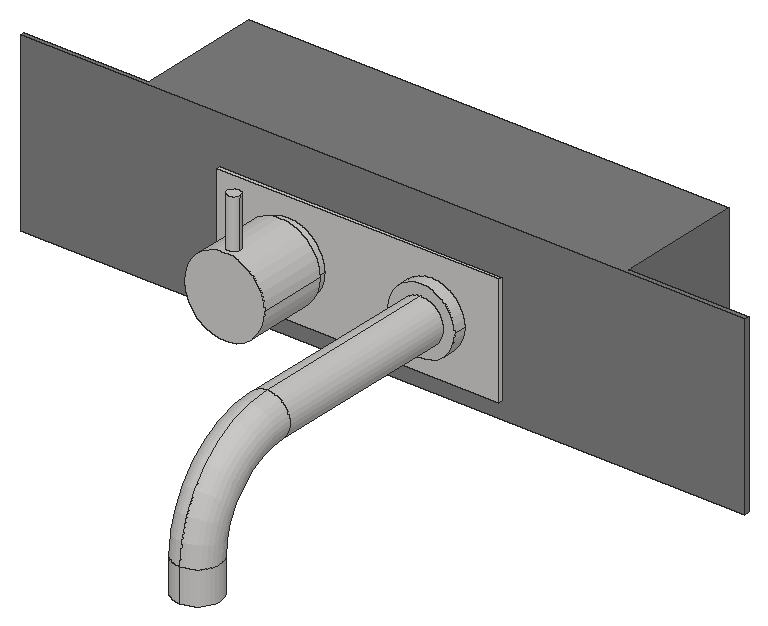
Revit family "2112C", category Plumbing Fixtures, Revit 2021
Family settings
  Round Connector Dimension = Use Diameter
  Part Type = Normal
  Work Plane-Based = No
  Always vertical = Yes
  Cut with Voids When Loaded = No
  Shared = No
  Room Calculation Point = No
Parameters
  e-mail = "info@vola.com"
  URL = "http://vola.com"
  Telephone = "+45 7023 5500"
  Quality management standard = "ISO 9001"
  Organisation no. / DUNS no. = "17531328"
  Occupational health and safety management standard = "ISO 18001"
  Mounting Instructions = "http://vola.com/service/producturl.ashx?name=2112C"
  Model = "2112C"
  Mixer Offset [instance] = 12.00 mm
  Mixer = yes
  Materials and components information = "http://vola.com/service/producturl.ashx?name=2112C"
  Manufacturer = "VOLA A/S"
  Maintenance Instructions = "http://vola.com/service/producturl.ashx?name=2112C"
  Guarantee = "2 years"
  Flow = "30,00 l/min"
  Environmental management standard = "ISO 14000"
  Default Elevation = 0.00 mm
  Connection - All relevant connections = "½\" for water connection"
  Approvals = "http://vola.com/service/producturl.ashx?name=2112C"
Reference planes
  plane 1 "Center (Front/Back)": y = 0
  plane 2: z = 0
  plane 3 "Center (Left/Right)": x = 0
  plane 4 "Mixer plane": y = 12
  plane 5 "Wall Surface": y = 0
Forms (mm)
  Extrusion 1, solid, material "Stainless Steel", visible <- "Mixer"
    sketch origin (16.5, 10, 0) x (0, 0, 1) y (-1, 0, 0)
      loop
        circle (0, 16.5) r 16.5
    from 0 to 10
  Extrusion 2, solid, material "Stainless Steel", visible <- "Mixer"
    sketch origin (-99, 10, 21) x (-1, 0, 0) y (0, 0, -1)
      loop
        circle (-21, 21) r 19.5
    from 0 to 10
Dimensions and locks
  "Mixer Offset": plane 4 "Mixer plane" to plane 1 "Center (Front/Back)"
  aligned and locked: plane 2 to level
  aligned and locked: nested 1 to plane 4 "Mixer plane"
  aligned and locked: plane 1 "Center (Front/Back)" to Extrusion 1
  aligned and locked: plane 1 "Center (Front/Back)" to Extrusion 2
Automatic sketch dimensions
  Extrusion 2 sketch curve to nested 1 = 21.00 mm  (x2)
  radius of Extrusion 1 sketch curve to nested 1 = 0.00 mm
  radius of Extrusion 2 sketch curve = 19.50 mm
Nested families
  nested 1: "2100" at (-39, 82.5, -70), visible <- "Mixer", type "2100"
  nested 2: "010C" at (0, -2, 0), type "010C"
  nested 3: "NR21" at (-78, -2, 0), type "NR21"
  nested 4: "2002" at (-39.936, 0, 0) x (1, 0, 0) z (0, -1, 0), type "2002"
Connectors
  piping at (-105, 57.5, -70), diameter 28
    settings: on nested 1, index 1, connector inside diameter 1.10236", connector length 0.00 mm, flow factor 0, pipe flow 0 GPM, pressure drop 0.00 psi, fitting loss kfactor 0, connector angle 0.00°, fixture units 0, engagement length 0.00 mm, angle of deflection 0.00°, flow configuration 0, flow direction 1, fitting loss method 0, system type 19, joint type 0, gender type 0, connector reference index -1, connector utility 0, adjustable connector no, is connector primary yes, connector description ""
  piping at (-51, 57.5, -70), diameter 28
    settings: on nested 1, index 2, connector inside diameter 1.10236", connector length 0.00 mm, flow factor 0, pipe flow 0 GPM, pressure drop 0.00 psi, fitting loss kfactor 0, connector angle 0.00°, fixture units 0, engagement length 0.00 mm, angle of deflection 0.00°, flow configuration 0, flow direction 1, fitting loss method 0, system type 20, joint type 0, gender type 0, connector reference index -1, connector utility 0, adjustable connector no, is connector primary no, connector description ""
Definition of nested family "2100"
  Parameters
    e-mail = "info@vola.com"
    URL = "http://vola.com"
    Telephone = "+45 7023 5500"
    Quality management standard = "ISO 9001"
    Organisation no. / DUNS no. = "17531328"
    Occupational health and safety management standard = "ISO 18001"
    Mounting Instructions = "http://vola.com/service/producturl.ashx?name=2100"
    Model = "2100"
    Materials and components information = "http://vola.com/service/producturl.ashx?name=2100"
    Manufacturer = "VOLA A/S"
    Maintenance Instructions = "http://vola.com/service/producturl.ashx?name=2100"
    Guarantee = "2 years"
    Flow = "25,00 l/min"
    Environmental management standard = "ISO 14000"
    Default Elevation = 0.00 mm
    Connection - All relevant connections = ""
    Approvals = "http://vola.com/service/producturl.ashx?name=2100"
  Reference planes
    plane 1 "Center (Front/Back)": y = 0
    plane 2: z = 0
    plane 3 "Center (Left/Right)": x = 0
    plane 4: z = 70
    plane 5: y = -72.5
    plane 6: y = -25
  Forms (mm)
    Extrusion 1, solid
      sketch origin (0, 0, 1) x (1, 0, 0) y (0, 0, 1)
        loop
          circle (39, 69) r 16.5
      from 70.5 to 72.5
    Extrusion 2, solid
      sketch origin (1032.5, -2.5, 1) x (-1, 0, 0) y (0, 0, -1)
        loop
          line (1092.5, -90) -> (1092.5, -48) -> (1050.5, -48) -> (1050.5, -90) -> (1092.5, -90)
      from 68 to 70
    Extrusion 3, solid
      sketch origin (0, 0, 1) x (1, 0, 0) y (0, 1, 0)
        loop
          line (-127.5, 0) -> (-127.5, -68) -> (132.5, -68) -> (132.5, 0) -> (-127.5, 0)
      from 21.5 to 116.5
    Extrusion 4, solid
      sketch origin (0, 0, 22.5) x (0, 1, 0) y (1, 0, 0)
        loop
          circle (-25, -12) r 14
      from 0 to 22.5
    Extrusion 5, solid
      sketch origin (-54, 0, 22.5) x (0, 1, 0) y (1, 0, 0)
        loop
          circle (-25, -12) r 14
      from 0 to 22.5
    Extrusion 6, solid
      sketch origin (0, 0, 0) x (1, 0, 0) y (0, 1, 0)
        loop
          line (-195, -68) -> (-195, -70.5) -> (197.5, -70.5) -> (197.5, -68) -> (-195, -68)
      from 22.5 to 117.5
  Cuts and joins
    joined: Extrusion 3, Extrusion 6
  Lines and regions (mm)
    reference lines
      curve 1: line (-39, -25, 70) -> (-39, -122.5, 70)
      curve 2: line (39, -25, 70) -> (39, -122.5, 70)
      curve 3: line (-66, -25, 70) -> (-66, -25, -29)
      curve 4: line (-12, -25, 70) -> (-12, -25, -29)
  Dimensions and locks
    aligned and locked: plane 2 to level
    aligned and locked: Extrusion 3 to Extrusion 6
    aligned and locked: Extrusion 6 to Extrusion 3
Definition of nested family "010C"
  Parameters
    e-mail = "info@vola.com"
    URL = "http://vola.com"
    Telephone = "+45 7023 5500"
    Quality management standard = "ISO 9001"
    Organisation no. / DUNS no. = "17531328"
    Occupational health and safety management standard = "ISO 18001"
    Mounting Instructions = "http://vola.com/service/producturl.ashx?name=010C"
    Model = "010C"
    Materials and components information = "http://vola.com/service/producturl.ashx?name=010C"
    Manufacturer = "VOLA A/S"
    Maintenance Instructions = "http://vola.com/service/producturl.ashx?name=010C"
    Guarantee = "2 years"
    Environmental management standard = "ISO 14000"
    Default Elevation = 0.00 mm
    Connection - All relevant connections = ""
    Approvals = "http://vola.com/service/producturl.ashx?name=010C"
  Reference planes
    plane 1 "Center (Front/Back)": y = 0
    plane 2: z = 0
    plane 3 "Center (Left/Right)": x = 0
  Forms (mm)
    Extrusion 1, solid
      sketch origin (0, 0, 0) x (1, 0, 0) y (0, 0, 1)
        loop
          circle (0, 0) r 18
      from 0 to 7
    Sweep 2, solid
      path origin (0, 10, 0) x (0, 1, 0) y (0, 0, 1)
        loop
          arc (-168.5, -47.5) -> (-154.588, -13.912) -> (-121, 0) r 47.5
          line (-121, 0) -> (-17, 0)
      profile origin (0, -59, 0) x (0, 0, 1) y (1, 0, 0)
        loop
          circle (0, 0) r 12
    Extrusion 3, solid
      sketch origin (0, -158.5, -47.5) x (1, 0, 0) y (0, -1, 0)
        loop
          circle (0, 0) r 12
      from 0 to 18
  Dimensions and locks
    aligned and locked: plane 2 to level
Definition of nested family "NR21"
  Parameters
    e-mail = "info@vola.com"
    URL = "http://vola.com"
    Telephone = "+45 7023 5500"
    Quality management standard = "ISO 9001"
    Organisation no. / DUNS no. = "17531328"
    Occupational health and safety management standard = "ISO 18001"
    Mounting Instructions = "http://vola.com/service/producturl.ashx?name=NR21"
    Model = "NR21"
    Materials and components information = "http://vola.com/service/producturl.ashx?name=NR21"
    Manufacturer = "VOLA A/S"
    Maintenance Instructions = "http://vola.com/service/producturl.ashx?name=NR21"
    Guarantee = "2 years"
    Environmental management standard = "ISO 14000"
    Default Elevation = 0.00 mm
    Connection - All relevant connections = ""
    Approvals = "http://vola.com/service/producturl.ashx?name=NR21"
  Reference planes
    plane 1 "Center (Front/Back)": y = 0
    plane 2: z = 0
    plane 3 "Center (Left/Right)": x = 0
  Forms (mm)
    Extrusion 1, solid
      sketch origin (0, 0, 0) x (1, 0, 0) y (0, 0, 1)
        loop
          circle (0, 0) r 21.5
      from 5 to 42.5
    Extrusion 2, solid
      sketch origin (0, -2, 0) x (0, -1, 0) y (1, 0, 0)
        loop
          circle (34.5, 0) r 3.5
      from 0 to 47.5
    Extrusion 3, solid
      sketch origin (0, 0, 0) x (1, 0, 0) y (0, 0, 1)
        loop
          circle (0, 0) r 20
      from 0 to 5
  Cuts and joins
    joined: Extrusion 1, Extrusion 2
  Lines and regions (mm)
    model lines
      curve 1: line (-6.05, -42.5, 20.663) -> (-6.05, -42.5, -20.663)
      curve 2: line (6.05, -42.5, 20.663) -> (6.05, -42.5, -20.663)
  Dimensions and locks
    aligned and locked: plane 2 to level
Definition of nested family "2002"
  Parameters
    e-mail = "info@vola.com"
    URL = "http://vola.com"
    Telephone = "+45 7023 5500"
    Quality management standard = "ISO 9001"
    Organisation no. / DUNS no. = "17531328"
    Occupational health and safety management standard = "ISO 18001"
    Mounting Instructions = "http://vola.com/service/producturl.ashx?name=2002"
    Model = "2002"
    Materials and components information = "http://vola.com/service/producturl.ashx?name=2002"
    Manufacturer = "VOLA A/S"
    Maintenance Instructions = "http://vola.com/service/producturl.ashx?name=2002"
    Guarantee = "2 years"
    Environmental management standard = "ISO 14000"
    Default Elevation = 1219.20 mm
    Connection - All relevant connections = ""
    Approvals = "http://vola.com/service/producturl.ashx?name=2002"
  Reference planes
    plane 1 "Center (Front/Back)": y = 0
    plane 2: z = 0
    plane 3 "Center (Left/Right)": x = 0
  Forms (mm)
    Extrusion 1, solid
      sketch origin (0, 0, 0) x (1, 0, 0) y (0, 1, 0)
        loop
          line (-76.5, 30) -> (-76.5, -30) -> (76.5, -30) -> (76.5, 30) -> (-76.5, 30)
        loop
          circle (39.936, 0) r 16.5
        loop
          circle (-38.064, 0) r 19.5
      from 0 to 2
  Dimensions and locks
    aligned and locked: plane 2 to level
